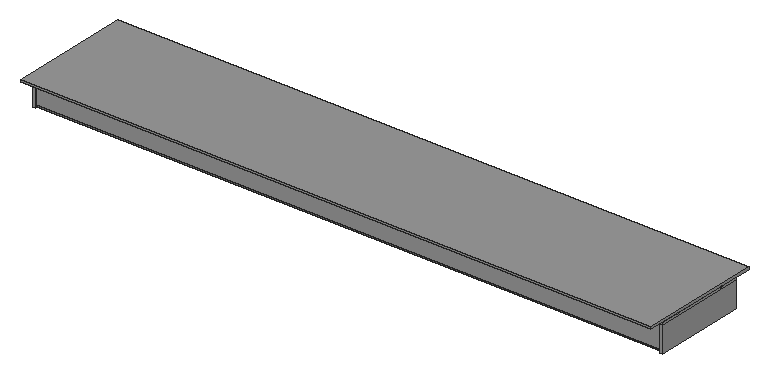
Revit family "Berica 2.2 M", category Lighting Fixtures, Revit 2020 (continued)
Definition of nested family "Light Source Berica 2.2"
  Types (4, lengths in mm): name | Photometric Web File | built-in parameter 1150142
    L 45°x96° | "BERICA 2.2 L 45°x96° [3000K 54W 230Vac].IES" | "IESNA:LM-63-2002\r\n[TEST] 20201109-0833\r\n[TESTLAB] L&L\r\n[TESTDATE] 9 Nov 2020\r\n[ISSUEDATE] 9 Nov 2020\r\n[MANUFAC] L&L\r\n[LUMCAT] BERICA 2.2 L 45°x96° [3000K 54W 230Vac]\r\n[LUMINAIRE] BERICA 2.2 L 45°x96° [3000K 54W 230Vac]\r\n[FLASHAREA] 0.002806\r\n[LAMPCAT] Midpower LED\r\n[LAMP] Midpower LED\r\nTILT=NONE\r\n128 41.81 1.0 181 73 1 2 0.580 0.020 0.000\r\n1.00 1.00 54.00\r\n0.00 1.00 2.00 3.00 4.00 5.00 6.00 7.00 8.00 9.00 10.00 \r\n11.00 12.00 13.00 14.00 15.00 16.00 17.00 18.00 19.00 \r\n20.00 21.00 22.00 23.00 24.00 25.00 26.00 27.00 28.00 \r\n29.00 30.00 31.00 32.00 33.00 34.00 35.00 36.00 37.00 \r\n38.00 39.00 40.00 41.00 42.00 43.00 44.00 45.00 46.00 \r\n47.00 48.00 49.00 50.00 51.00 52.00 53.00 54.00 55.00 \r\n56.00 57.00 58.00 59.00 60.00 61.00 62.00 63.00 64.00 \r\n65.00 66.00 67.00 68.00 69.00 70.00 71.00 72.00 73.00 \r\n74.00 75.00 76.00 77.00 78.00 79.00 80.00 81.00 82.00 \r\n83.00 84.00 85.00 86.00 87.00 88.00 89.00 90.00 91.00 \r\n92.00 93.00 94.00 95.00 96.00 97.00 98.00 99.00 100.00 \r\n101.00 102.00 103.00 104.00 105.00 106.00 107.00 108.00 \r\n109.00 110.00 111.00 112.00 113.00 114.00 115.00 116.00 \r\n117.00 118.00 119.00 120.00 121.00 122.00 123.00 124.00 \r\n125.00 126.00 127.00 128.00 129.00 130.00 131.00 132.00 \r\n133.00 134.00 135.00 136.00 137.00 138.00 139.00 140.00 \r\n141.00 142.00 143.00 144.00 145.00 146.00 147.00 148.00 \r\n149.00 150.00 151.00 152.00 153.00 154.00 155.00 156.00 \r\n157.00 158.00 159.00 160.00 161.00 162.00 163.00 164.00 \r\n165.00 166.00 167.00 168.00 169.00 170.00 171.00 172.00 \r\n173.00 174.00 175.00 176.00 177.00 178.00 179.00 180.00 \r\n0.00 5.00 10.00 15.00 20.00 25.00 30.00 35.00 40.00 45.00 \r\n50.00 55.00 60.00 65.00 70.00 75.00 80.00 85.00 90.00 \r\n95.00 100.00 105.00 110.00 115.00 120.00 125.00 130.00 \r\n135.00 140.00 145.00 150.00 155.00 160.00 165.00 170.00 \r\n175.00 180.00 185.00 190.00 195.00 200.00 205.00 210.00 \r\n215.00 220.00 225.00 230.00 235.00 240.00 245.00 250.00 \r\n255.00 260.00 265.00 270.00 275.00 280.00 285.00 290.00 \r\n295.00 300.00 305.00 310.00 315.00 320.00 325.00 330.00 \r\n335.00 340.00 345.00 350.00 355.00 360.00 \r\n1796.12 1786.35 1769.99 1752.78 1729.20 1704.84 1671.74 \r\n1637.86 1598.77 1557.98 1513.80 1469.15 1415.88 1363.73 \r\n1299.13 1245.07 1190.02 1121.43 1062.67 999.68 941.93 \r\n881.17 822.54 766.03 713.82 651.53 589.59 502.93 443.52 \r\n399.52 365.42 329.66 264.45 221.39 186.71 156.95 134.21 \r\n117.87 101.80 82.65 68.46 60.18 50.50 41.31 32.00 28.31 \r\n25.59 22.98 20.06 17.12 14.28 10.59 7.14 3.37 0.90 0.14 \r\n0.12 0.10 0.09 0.09 0.09 0.09 0.09 0.09 0.10 0.10 0.11 \r\n0.12 0.14 0.16 0.19 0.23 0.27 0.30 0.31 0.32 0.33 0.34 \r\n0.35 0.35 0.36 0.37 0.37 0.37 0.37 0.37 0.36 0.36 0.36 \r\n0.36 0.36 0.36 0.36 0.36 0.36 0.37 0.37 0.37 0.37 0.37 \r\n0.36 0.35 0.35 0.34 0.33 0.32 0.31 0.30 0.27 0.23 0.19 \r\n0.16 0.14 0.12 0.11 0.10 0.10 0.09 0.09 0.09 0.09 0.09 \r\n0.09 0.10 0.12 0.14 0.90 3.37 7.14 10.59 14.28 17.12 \r\n20.06 22.98 25.59 28.31 32.00 41.31 50.50 60.18 68.46 \r\n82.65 101.80 117.87 134.21 156.95 186.71 221.39 264.45 \r\n329.66 365.42 399.52 443.52 502.93 589.59 651.53 713.82 \r\n766.03 822.54 881.17 941.93 999.68 1062.67 1121.43 \r\n1190.02 1245.07 1299.13 1363.73 1415.88 1469.15 1513.80 \r\n1557.98 1598.77 1637.86 1671.74 1704.84 1729.20 1752.78 \r\n1769.99 1786.35 1796.12 \r\n1796.12 1785.76 1773.49 1754.32 1734.49 1709.56 1677.73 \r\n1643.44 1607.57 1568.27 1525.35 1480.58 1429.06 1381.69 \r\n1317.44 1265.90 1205.54 1143.43 1080.30 1021.67 962.06 \r\n901.29 844.17 786.42 732.60 673.97 613.49 537.27 463.58 \r\n415.00 378.65 344.95 292.38 236.51 198.19 168.70 142.82 \r\n124.02 108.76 90.28 72.97 64.03 54.69 45.42 34.76 29.57 \r\n26.67 24.18 21.44 18.41 15.41 12.10 8.64 5.00 1.90 0.21 \r\n0.12 0.10 0.08 0.07 0.07 0.07 0.07 0.07 0.07 0.08 0.08 \r\n0.09 0.09 0.10 0.11 0.13 0.15 0.17 0.19 0.20 0.22 0.24 \r\n0.25 0.27 0.28 0.29 0.30 0.31 0.32 0.32 0.32 0.32 0.33 \r\n0.33 0.33 0.33 0.33 0.32 0.32 0.32 0.32 0.31 0.30 0.29 \r\n0.28 0.27 0.25 0.24 0.22 0.20 0.19 0.17 0.15 0.13 0.11 \r\n0.10 0.09 0.09 0.08 0.08 0.07 0.07 0.07 0.07 0.07 0.07 \r\n0.08 0.10 0.12 0.21 1.90 5.00 8.64 12.10 15.41 18.41 \r\n21.44 24.18 26.67 29.57 34.76 45.42 54.69 64.03 72.97 \r\n90.28 108.76 124.02 142.82 168.70 198.19 236.51 292.38 \r\n344.95 378.65 415.00 463.58 537.27 613.49 673.97 732.60 \r\n786.42 844.17 901.29 962.06 1021.67 1080.30 1143.43 \r\n1205.54 1265.90 1317.44 1381.69 1429.06 1480.58 1525.35 \r\n1568.27 1607.57 1643.44 1677.73 1709.56 1734.49 1754.32 \r\n1773.49 1785.76 1796.12 \r\n1796.12 1786.50 1772.68 1754.25 1734.55 1710.69 1678.81 \r\n1646.78 1609.06 1572.10 1529.88 1481.34 1436.03 1381.27 \r\n1329.32 1272.12 1212.57 1154.24 1091.43 1032.92 973.99 \r\n913.36 852.52 797.19 741.10 689.80 628.52 558.14 479.23 \r\n425.87 390.08 355.92 313.18 249.58 209.05 177.77 150.47 \r\n129.17 113.86 97.06 78.35 66.75 57.93 48.44 38.08 30.70 \r\n27.74 25.14 22.27 19.44 16.56 13.17 9.81 6.27 2.55 0.61 \r\n0.13 0.10 0.08 0.07 0.06 0.06 0.06 0.07 0.07 0.07 0.07 \r\n0.07 0.08 0.08 0.09 0.10 0.11 0.12 0.14 0.15 0.17 0.19 \r\n0.20 0.22 0.23 0.25 0.26 0.28 0.29 0.30 0.30 0.31 0.31 \r\n0.32 0.32 0.32 0.31 0.31 0.30 0.30 0.29 0.28 0.26 0.25 \r\n0.23 0.22 0.20 0.19 0.17 0.15 0.14 0.12 0.11 0.10 0.09 \r\n0.08 0.08 0.07 0.07 0.07 0.07 0.07 0.06 0.06 0.06 0.07 \r\n0.08 0.10 0.13 0.61 2.55 6.27 9.81 13.17 16.56 19.44 \r\n22.27 25.14 27.74 30.70 38.08 48.44 57.93 66.75 78.35 \r\n97.06 113.86 129.17 150.47 177.77 209.05 249.58 313.18 \r\n355.92 390.08 425.87 479.23 558.14 628.52 689.80 741.10 \r\n797.19 852.52 913.36 973.99 1032.92 1091.43 1154.24 \r\n1212.57 1272.12 1329.32 1381.27 1436.03 1481.34 1529.88 \r\n1572.10 1609.06 1646.78 1678.81 1710.69 1734.55 1754.25 \r\n1772.68 1786.50 1796.12 \r\n1796.12 1786.11 1772.26 1755.21 1735.54 1712.28 1682.27 \r\n1649.36 1611.30 1576.65 1532.74 1491.32 1446.22 1394.39 \r\n1339.52 1284.05 1229.72 1165.40 1109.60 1049.79 986.60 \r\n930.65 872.03 816.88 762.63 708.31 654.12 582.62 511.26 \r\n447.49 405.78 373.15 336.21 277.28 227.81 196.26 164.69 \r\n141.09 122.62 107.50 87.07 72.71 63.97 54.33 44.44 33.64 \r\n29.42 26.40 24.01 21.08 18.12 15.05 11.56 8.21 4.40 1.60 \r\n0.18 0.11 0.09 0.07 0.06 0.06 0.06 0.06 0.06 0.06 0.06 \r\n0.06 0.07 0.07 0.07 0.08 0.08 0.09 0.10 0.10 0.11 0.12 \r\n0.14 0.15 0.16 0.17 0.18 0.19 0.20 0.21 0.22 0.23 0.23 \r\n0.23 0.23 0.23 0.23 0.23 0.22 0.21 0.20 0.19 0.18 0.17 \r\n0.16 0.15 0.14 0.12 0.11 0.10 0.10 0.09 0.08 0.08 0.07 \r\n0.07 0.07 0.06 0.06 0.06 0.06 0.06 0.06 0.06 0.06 0.07 \r\n0.09 0.11 0.18 1.60 4.40 8.21 11.56 15.05 18.12 21.08 \r\n24.01 26.40 29.42 33.64 44.44 54.33 63.97 72.71 87.07 \r\n107.50 122.62 141.09 164.69 196.26 227.81 277.28 336.21 \r\n373.15 405.78 447.49 511.26 582.62 654.12 708.31 762.63 \r\n816.88 872.03 930.65 986.60 1049.79 1109.60 1165.40 \r\n1229.72 1284.05 1339.52 1394.39 1446.22 1491.32 1532.74 \r\n1576.65 1611.30 1649.36 1682.27 1712.28 1735.54 1755.21 \r\n1772.26 1786.11 1796.12 \r\n1796.12 1786.79 1773.85 1757.03 1737.30 1715.75 1684.87 \r\n1657.05 1620.24 1584.70 1544.20 1501.78 1458.31 1407.15 \r\n1355.71 1303.54 1246.79 1188.76 1131.95 1070.79 1015.36 \r\n954.29 900.83 843.80 788.47 738.23 685.05 627.75 556.56 \r\n486.05 432.00 394.75 361.93 323.33 261.49 220.62 187.47 \r\n160.50 136.97 120.92 104.63 84.12 71.38 61.93 53.19 41.80 \r\n32.51 28.70 25.97 23.21 20.28 17.40 14.19 10.79 7.35 3.53 \r\n1.07 0.15 0.11 0.08 0.07 0.06 0.06 0.06 0.06 0.06 0.06 \r\n0.06 0.06 0.06 0.07 0.07 0.07 0.07 0.08 0.08 0.08 0.09 \r\n0.09 0.09 0.10 0.10 0.11 0.11 0.12 0.12 0.12 0.12 0.13 \r\n0.13 0.13 0.13 0.13 0.12 0.12 0.12 0.12 0.11 0.11 0.10 \r\n0.10 0.09 0.09 0.09 0.08 0.08 0.08 0.07 0.07 0.07 0.07 \r\n0.06 0.06 0.06 0.06 0.06 0.06 0.06 0.06 0.06 0.07 0.08 \r\n0.11 0.15 1.07 3.53 7.35 10.79 14.19 17.40 20.28 23.21 \r\n25.97 28.70 32.51 41.80 53.19 61.93 71.38 84.12 104.63 \r\n120.92 136.97 160.50 187.47 220.62 261.49 323.33 361.93 \r\n394.75 432.00 486.05 556.56 627.75 685.05 738.23 788.47 \r\n843.80 900.83 954.29 1015.36 1070.79 1131.95 1188.76 \r\n1246.79 1303.54 1355.71 1407.15 1458.31 1501.78 1544.20 \r\n1584.70 1620.24 1657.05 1684.87 1715.75 1737.30 1757.03 \r\n1773.85 1786.79 1796.12 \r\n1796.12 1786.85 1774.27 1757.87 1740.60 1717.49 1692.35 \r\n1663.36 1627.68 1593.76 1555.73 1518.59 1472.78 1427.58 \r\n1377.24 1325.26 1270.14 1216.67 1162.10 1103.58 1047.00 \r\n988.10 936.40 878.16 825.05 773.40 722.94 669.29 614.68 \r\n543.69 477.79 425.80 391.37 360.43 320.34 262.86 222.79 \r\n188.79 161.48 139.11 122.59 106.99 85.20 72.04 63.26 \r\n53.22 43.41 32.18 28.48 25.87 23.14 20.17 17.41 14.13 \r\n10.79 7.26 3.39 0.90 0.17 0.12 0.09 0.07 0.07 0.07 0.07 \r\n0.07 0.06 0.06 0.06 0.06 0.06 0.06 0.06 0.06 0.07 0.07 \r\n0.07 0.07 0.07 0.07 0.07 0.07 0.07 0.07 0.08 0.08 0.08 \r\n0.08 0.08 0.08 0.08 0.08 0.08 0.08 0.08 0.08 0.08 0.07 \r\n0.07 0.07 0.07 0.07 0.07 0.07 0.07 0.07 0.07 0.06 0.06 \r\n0.06 0.06 0.06 0.06 0.06 0.06 0.07 0.07 0.07 0.07 0.07 \r\n0.09 0.12 0.17 0.90 3.39 7.26 10.79 14.13 17.41 20.17 \r\n23.14 25.87 28.48 32.18 43.41 53.22 63.26 72.04 85.20 \r\n106.99 122.59 139.11 161.48 188.79 222.79 262.86 320.34 \r\n360.43 391.37 425.80 477.79 543.69 614.68 669.29 722.94 \r\n773.40 825.05 878.16 936.40 988.10 1047.00 1103.58 \r\n1162.10 1216.67 1270.14 1325.26 1377.24 1427.58 1472.78 \r\n1518.59 1555.73 1593.76 1627.68 1663.36 1692.35 1717.49 \r\n1740.60 1757.87 1774.27 1786.85 1796.12 \r\n1796.12 1787.58 1776.30 1760.72 1743.24 1723.94 1700.81 \r\n1670.31 1639.30 1608.45 1572.19 1534.81 1492.26 1447.96 \r\n1404.25 1351.04 1304.79 1250.37 1199.72 1143.41 1086.74 \r\n1032.62 978.12 924.51 870.00 818.02 766.47 717.80 667.97 \r\n616.01 550.74 485.61 431.71 395.34 363.83 330.92 275.74 \r\n232.64 201.09 170.47 147.95 128.71 113.61 92.17 76.25 \r\n66.70 57.15 47.23 34.77 29.27 26.41 23.70 20.67 17.98 \r\n14.75 11.52 7.91 4.29 1.37 0.22 0.14 0.11 0.08 0.08 0.08 \r\n0.07 0.07 0.07 0.07 0.07 0.07 0.07 0.07 0.06 0.06 0.06 \r\n0.06 0.06 0.06 0.06 0.06 0.06 0.06 0.06 0.06 0.06 0.06 \r\n0.06 0.06 0.06 0.06 0.06 0.06 0.06 0.06 0.06 0.06 0.06 \r\n0.06 0.06 0.06 0.06 0.06 0.06 0.06 0.06 0.06 0.06 0.07 \r\n0.07 0.07 0.07 0.07 0.07 0.07 0.07 0.08 0.08 0.08 0.11 \r\n0.14 0.22 1.37 4.29 7.91 11.52 14.75 17.98 20.67 23.70 \r\n26.41 29.27 34.77 47.23 57.15 66.70 76.25 92.17 113.61 \r\n128.71 147.95 170.47 201.09 232.64 275.74 330.92 363.83 \r\n395.34 431.71 485.61 550.74 616.01 667.97 717.80 766.47 \r\n818.02 870.00 924.51 978.12 1032.62 1086.74 1143.41 \r\n1199.72 1250.37 1304.79 1351.04 1404.25 1447.96 1492.26 \r\n1534.81 1572.19 1608.45 1639.30 1670.31 1700.81 1723.94 \r\n1743.24 1760.72 1776.30 1787.58 1796.12 \r\n1796.12 1787.68 1777.27 1761.37 1746.13 1728.65 1705.53 \r\n1682.06 1651.09 1621.00 1587.98 1552.91 1514.44 1473.30 \r\n1429.64 1383.92 1339.22 1287.37 1242.43 1187.27 1137.27 \r\n1080.22 1028.34 975.63 919.63 869.94 818.41 769.45 723.66 \r\n677.88 626.83 569.26 506.37 448.94 408.84 376.21 347.67 \r\n304.43 253.06 221.14 189.24 162.52 140.69 124.43 105.94 \r\n86.38 72.65 64.18 54.71 41.77 31.29 27.45 25.00 22.01 \r\n19.20 16.25 13.05 9.75 6.00 2.62 0.33 0.18 0.13 0.10 0.09 \r\n0.09 0.08 0.08 0.08 0.08 0.08 0.07 0.07 0.07 0.07 0.07 \r\n0.07 0.06 0.06 0.06 0.06 0.06 0.06 0.06 0.06 0.06 0.06 \r\n0.06 0.06 0.06 0.06 0.06 0.06 0.06 0.06 0.06 0.06 0.06 \r\n0.06 0.06 0.06 0.06 0.06 0.06 0.07 0.07 0.07 0.07 0.07 \r\n0.07 0.08 0.08 0.08 0.08 0.08 0.09 0.09 0.10 0.13 0.18 \r\n0.33 2.62 6.00 9.75 13.05 16.25 19.20 22.01 25.00 27.45 \r\n31.29 41.77 54.71 64.18 72.65 86.38 105.94 124.43 140.69 \r\n162.52 189.24 221.14 253.06 304.43 347.67 376.21 408.84 \r\n448.94 506.37 569.26 626.83 677.88 723.66 769.45 818.41 \r\n869.94 919.63 975.63 1028.34 1080.22 1137.27 1187.27 \r\n1242.43 1287.37 1339.22 1383.92 1429.64 1473.30 1514.44 \r\n1552.91 1587.98 1621.00 1651.09 1682.06 1705.53 1728.65 \r\n1746.13 1761.37 1777.27 1787.68 1796.12 \r\n1796.12 1788.37 1777.78 1763.93 1750.22 1734.02 1714.69 \r\n1691.88 1664.14 1636.84 1604.26 1572.86 1537.67 1503.02 \r\n1460.47 1419.35 1376.80 1331.88 1283.48 1236.19 1189.09 \r\n1134.02 1088.13 1031.58 982.05 929.58 880.06 829.58 \r\n782.69 739.65 694.57 650.48 602.69 549.19 482.68 434.55 \r\n398.05 369.32 340.08 299.22 250.57 219.13 187.91 162.35 \r\n141.49 123.98 106.08 85.32 73.39 64.05 53.41 40.39 30.16 \r\n26.57 24.12 21.15 18.35 15.38 12.06 8.63 4.81 1.47 0.25 \r\n0.17 0.13 0.11 0.10 0.10 0.10 0.09 0.09 0.09 0.09 0.08 \r\n0.08 0.08 0.08 0.08 0.08 0.07 0.07 0.07 0.07 0.07 0.07 \r\n0.07 0.07 0.07 0.07 0.07 0.07 0.07 0.07 0.07 0.07 0.07 \r\n0.07 0.07 0.07 0.07 0.07 0.07 0.08 0.08 0.08 0.08 0.08 \r\n0.08 0.09 0.09 0.09 0.09 0.10 0.10 0.10 0.11 0.13 0.17 \r\n0.25 1.47 4.81 8.63 12.06 15.38 18.35 21.15 24.12 26.57 \r\n30.16 40.39 53.41 64.05 73.39 85.32 106.08 123.98 141.49 \r\n162.35 187.91 219.13 250.57 299.22 340.08 369.32 398.05 \r\n434.55 482.68 549.19 602.69 650.48 694.57 739.65 782.69 \r\n829.58 880.06 929.58 982.05 1031.58 1088.13 1134.02 \r\n1189.09 1236.19 1283.48 1331.88 1376.80 1419.35 1460.47 \r\n1503.02 1537.67 1572.86 1604.26 1636.84 1664.14 1691.88 \r\n1714.69 1734.02 1750.22 1763.93 1777.78 1788.37 1796.12 \r\n1796.12 1788.73 1780.24 1767.55 1753.33 1738.68 1722.49 \r\n1701.37 1677.98 1651.49 1625.00 1594.31 1562.53 1530.52 \r\n1493.98 1458.57 1416.16 1376.88 1332.24 1288.48 1241.84 \r\n1195.97 1147.06 1100.46 1048.12 1000.96 948.08 902.12 \r\n852.12 806.31 766.73 721.29 680.60 638.03 594.73 539.25 \r\n486.10 436.75 398.80 370.02 343.40 312.01 264.83 230.30 \r\n198.85 171.36 148.39 131.15 112.81 93.70 76.78 67.25 \r\n55.93 42.62 30.56 26.64 24.02 21.15 18.30 15.14 11.99 \r\n8.46 4.66 0.94 0.25 0.18 0.14 0.13 0.12 0.12 0.12 0.12 \r\n0.11 0.11 0.11 0.11 0.10 0.10 0.10 0.10 0.10 0.09 0.09 \r\n0.09 0.09 0.09 0.09 0.09 0.09 0.08 0.08 0.08 0.09 0.09 \r\n0.09 0.09 0.09 0.09 0.09 0.09 0.10 0.10 0.10 0.10 0.10 \r\n0.11 0.11 0.11 0.11 0.12 0.12 0.12 0.12 0.13 0.14 0.18 \r\n0.25 0.94 4.66 8.46 11.99 15.14 18.30 21.15 24.02 26.64 \r\n30.56 42.62 55.93 67.25 76.78 93.70 112.81 131.15 148.39 \r\n171.36 198.85 230.30 264.83 312.01 343.40 370.02 398.80 \r\n436.75 486.10 539.25 594.73 638.03 680.60 721.29 766.73 \r\n806.31 852.12 902.12 948.08 1000.96 1048.12 1100.46 \r\n1147.06 1195.97 1241.84 1288.48 1332.24 1376.88 1416.16 \r\n1458.57 1493.98 1530.52 1562.53 1594.31 1625.00 1651.49 \r\n1677.98 1701.37 1722.49 1738.68 1753.33 1767.55 1780.24 \r\n1788.73 1796.12 \r\n1796.12 1789.46 1781.30 1770.38 1757.76 1744.27 1730.85 \r\n1713.49 1692.51 1670.64 1644.22 1618.45 1590.07 1561.33 \r\n1526.56 1494.59 1457.48 1422.72 1384.98 1342.22 1301.74 \r\n1258.93 1216.14 1168.05 1123.56 1077.33 1029.11 980.61 \r\n934.23 889.28 845.65 801.45 759.52 717.25 676.78 637.20 \r\n601.57 557.99 506.80 456.09 412.73 383.83 353.97 330.50 \r\n295.09 253.21 221.31 192.04 167.94 143.91 126.73 107.93 \r\n85.74 72.64 63.04 50.10 36.84 27.38 24.45 21.71 18.59 \r\n15.82 12.37 9.25 5.24 1.64 0.49 0.39 0.33 0.29 0.26 0.24 \r\n0.21 0.19 0.17 0.15 0.14 0.13 0.12 0.12 0.12 0.11 0.11 \r\n0.11 0.11 0.11 0.11 0.10 0.10 0.10 0.10 0.10 0.10 0.10 \r\n0.11 0.11 0.11 0.11 0.11 0.11 0.12 0.12 0.12 0.13 0.14 \r\n0.15 0.17 0.19 0.21 0.24 0.26 0.29 0.33 0.39 0.49 1.64 \r\n5.24 9.25 12.37 15.82 18.59 21.71 24.45 27.38 36.84 50.10 \r\n63.04 72.64 85.74 107.93 126.73 143.91 167.94 192.04 \r\n221.31 253.21 295.09 330.50 353.97 383.83 412.73 456.09 \r\n506.80 557.99 601.57 637.20 676.78 717.25 759.52 801.45 \r\n845.65 889.28 934.23 980.61 1029.11 1077.33 1123.56 \r\n1168.05 1216.14 1258.93 1301.74 1342.22 1384.98 1422.72 \r\n1457.48 1494.59 1526.56 1561.33 1590.07 1618.45 1644.22 \r\n1670.64 1692.51 1713.49 1730.85 1744.27 1757.76 1770.38 \r\n1781.30 1789.46 1796.12 \r\n1796.12 1790.84 1782.96 1773.58 1761.75 1751.03 1737.48 \r\n1723.71 1706.02 1686.52 1664.67 1641.53 1615.50 1590.27 \r\n1560.14 1532.42 1500.66 1468.63 1433.64 1399.64 1360.80 \r\n1323.87 1284.20 1242.16 1200.02 1155.72 1113.29 1068.47 \r\n1024.16 981.05 933.96 892.90 849.23 806.26 765.00 725.33 \r\n687.83 651.49 615.55 581.68 539.15 495.60 448.06 408.26 \r\n378.66 349.71 327.17 298.28 260.89 226.74 198.50 172.27 \r\n148.02 127.38 108.86 87.61 72.51 61.92 49.29 34.31 25.73 \r\n22.83 20.01 17.05 13.88 10.73 7.38 3.47 1.39 1.19 1.06 \r\n0.96 0.86 0.77 0.68 0.58 0.50 0.41 0.33 0.26 0.20 0.16 \r\n0.14 0.14 0.13 0.13 0.13 0.13 0.13 0.13 0.13 0.13 0.13 \r\n0.13 0.13 0.13 0.13 0.14 0.14 0.16 0.20 0.26 0.33 0.41 \r\n0.50 0.58 0.68 0.77 0.86
